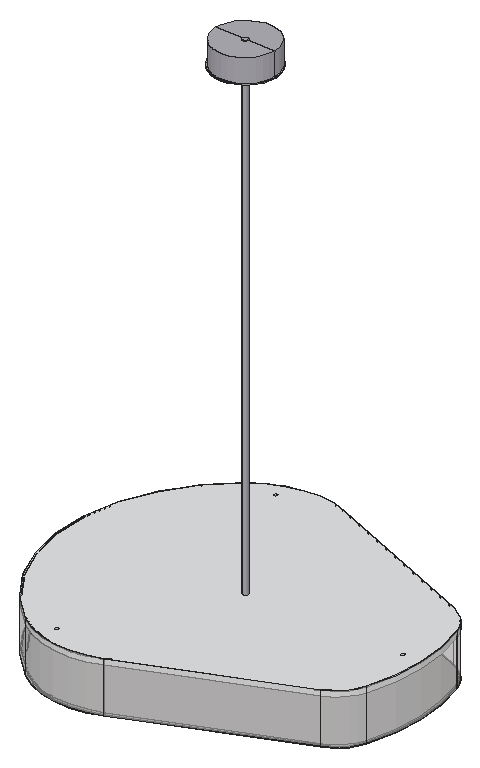
Revit family "Lighting - Lumetta - Pendant - NP53405", category Lighting Fixtures, host Ceiling, Revit 2015
Parameters
  Wattage = 11.7117 W
  built-in parameter 1150110 = 1 (stored number, unit not read)
  URL = "https://lumetta.com/luminaires/nexus-34-pendant/"
  Type Comments = "Nexus 34'' Pendant"  # constant formula
  built-in parameter 1114217 = 1 (stored number, unit not read)
  Top Lens-Material [instance] = Acrylic - 2447 - White
  Top Lens [instance] = yes
  built-in parameter 1150109 = 1 (stored number, unit not read)
  built-in parameter 1150134 = (empty or 0)
  Suspension [instance] = 2
  built-in parameter 1150113 = 1 (stored number, unit not read)
  Stem Hung-ALL Lamping [instance] = Suspension = 2  # yes
  STD-NON_DIM [instance] = not([3-4-LED])  # yes
  Model URL [instance] = "https://lumetta.com/luminaires/nexus-34-pendant/"
  Light Source Symbol Size = 0' - 1"
  Coupling-Stems Over 60 inches [instance] = and([Stem Hung-ALL Lamping], Fixture Drop > 5' 0")  # no
  Model = "NP53405"  # constant formula
  Manufacturer = "Lumetta, Inc."  # constant formula
  Lumens = 1300 lm
  built-in parameter 1150115 = 1 (stored number, unit not read)
  built-in parameter 1150105 = 103.45 (stored number, unit not read)
  built-in parameter 1150137 = (empty or 0)
  built-in parameter 1150139 = (empty or 0)
  built-in parameter 1150112 = 1 (stored number, unit not read)
  built-in parameter 1150114 = 1 (stored number, unit not read)
  built-in parameter 1150132 = 1
  built-in parameter 1150102 = (empty or 0)
  built-in parameter 1150138 = (empty or 0)
  built-in parameter 1150107 = 3000 (stored number, unit not read)
  built-in parameter 1150106 = 1.0345 (stored number, unit not read)
  Frame Finish [instance] = Paint - Lumetta - F02 - PC_Chrome
  Fixture Drop [instance] = 4' - 0"
  built-in parameter 1150104 = 10.312 (stored number, unit not read)
  Dimming Lamp Color Temperature Shift = (empty or 0)
  Diffuser Material [instance] = Shade - Lumetta - D61 - MT_White
  Description = ""
  Cord [instance] = Suspension = 1  # no
  Bottom Lens-Material [instance] = Acrylic - P95 - Etched White
  Bottom Lens [instance] = yes
  3-4-LED [instance] = and([3 or 4 Wire Dimming OR LED], Suspension = 1)  # no
  3 or 4 Wire Dimming OR LED [instance] = yes
  3 Cables [instance] = Suspension = 1  # no
  1CRD-3CBL-ALL Lamping [instance] = Suspension = 1  # no
  Cord Color [instance] = Cord, Black
  Color Filter = 16777215
  built-in parameter 1114218 = 1 (stored number, unit not read)
  built-in parameter 1150133 = 10 (stored number, unit not read)
Reference planes (in)
  plane 1 "Light Source Axis (F/B)": y = 0
  plane 2 "Ceiling": z = 96
  plane 3 "Light Source Axis (L/R)": x = 0
  plane 4 "Light Source Elevation": z = 45.5
  plane 5 "Fixture-Top": z = 48
  plane 6 "Fixture-Radius": x = 17
  plane 7 "Fixture-Height": z = 43
  plane 8: through (0, 0, 0) normal (-0.5, -0.866, 0)
  plane 9: y = 0
  plane 10: through (0, 0, 0) normal (0.5, -0.866, 0)
  plane 11 "Plane-120": through (-8.5, 14.72243, 0) normal (0.5, -0.866, 0)
  plane 12 "Plane-240": through (-70.85383, 21.27757, 0) normal (0.5, 0.866, 0)
  plane 13: through (0, 0, 0) normal (-0.866, -0.5, 0)
  plane 14: through (0, 0, 0) normal (0.866, -0.5, 0)
Forms (in)
  Revolve 1, solid, material "Paint - Lumetta - F02 - PC_Chrome" <- "Frame Finish", visible <- "1CRD-3CBL-ALL Lamping"
    sketch origin (0, 0, 0) x (1, 0, 0) y (0, 0, 1)
      loop
        line (0, 96) -> (0, 95.4375) -> (3, 95.4375) -> (3, 95.5) -> (2.87509, 95.5) -> (2.87509, 96) -> (0, 96)
      axis (0, 96) -> (0, 95.4375)
    angle from 0 to 360
  Extrusion 2, void
    sketch origin (0, 0, 95.4375) x (0, -1, 0) y (1, 0, 0)
      loop
        circle (0, 0) r 0.25
      loop
        circle (0, 2.5) r 0.06274
      loop
        circle (-2.16506, -1.25) r 0.06274
      loop
        circle (2.16506, -1.25) r 0.06274
    from 0 to 0.06358
  Extrusion 3, solid, material "Paint - Lumetta - F02 - PC_Chrome" <- "Frame Finish", visible <- "Stem Hung-ALL Lamping"
    sketch origin (0, 0, 48) x (0, -1, 0) y (-1, 0, 0)
      loop
        circle (0, 0) r 0.25
    from 0.56254 to -48
  Revolve 4, solid, material "Paint - Lumetta - F02 - PC_Chrome" <- "Frame Finish", visible <- "Coupling-Stems Over 60 inches"
    sketch origin (0, 0, 0) x (1, 0, 0) y (0, 0, 1)
      loop
        line (0, 86.53023) -> (0, 86) -> (0.26233, 86)
        arc (0.26233, 86) -> (0.31307, 86.05074) -> (0.26233, 86.10149) r 0.05074
        arc (0.26233, 86.10149) -> (0.29304, 86.26499) -> (0.26243, 86.42851) r 0.45126
        arc (0.26243, 86.42851) -> (0.31329, 86.47937) -> (0.26243, 86.53023) r 0.05086
        line (0.26243, 86.53023) -> (0, 86.53023)
      axis (0, 86.53023) -> (0, 86)
    angle from 0 to 360
  Revolve 5, solid, material "Paint - Lumetta - F02 - PC_Chrome" <- "Frame Finish", visible <- "Stem Hung-ALL Lamping"
    sketch origin (0, 0, 0) x (1, 0, 0) y (0, 0, 1)
      loop
        line (0, 96) -> (0, 93.40625) -> (0.34988, 93.40625)
        arc (0.34988, 93.40625) -> (0.49124, 93.54417) -> (0.58115, 93.72) r 0.61026
        line (0.58115, 93.72) -> (3, 93.72) -> (3, 93.78) -> (2.875, 93.78) -> (2.875, 96) -> (0, 96)
      axis (0, 96) -> (0, 93.40625)
    angle from 0 to 360
  Extrusion 6, solid, material "Cord, Black" <- "Cord Color", visible <- "1CRD-3CBL-ALL Lamping"
    sketch origin (0, 0, 48) x (0, -1, 0) y (1, 0, 0)
      loop
        circle (0, 0) r 0.15674
    from -0.56254 to 48
  Extrusion 7, solid, material "Paint - Lumetta - F11 - PC_White"
    sketch origin (0, 0, 48) x (0, -1, 0) y (1, 0, 0)
      loop
        circle (0, 15.25) r 0.15796
      loop
        circle (-13.20689, -7.625) r 0.15796
      loop
        circle (13.20689, -7.625) r 0.15796
      loop
        arc (-5.43512, 16.10774) -> (-6.97878, 15.18538) -> (-8.00283, 13.70721) r 4.25
        line (-8.00283, 13.70721) -> (-14.51815, -2.02217)
        arc (-14.51815, -2.02217) -> (-15.08391, -6.44759) -> (-13.33036, -10.54996) r 8.5
        arc (-13.33036, -10.54996) -> (0, -17) -> (13.33036, -10.54996) r 17
        arc (13.33036, -10.54996) -> (15.08391, -6.44759) -> (14.51815, -2.02217) r 8.5
        line (14.51815, -2.02217) -> (8.00283, 13.70721)
        arc (8.00283, 13.70721) -> (6.97878, 15.18538) -> (5.43512, 16.10774) r 4.25
        arc (5.43512, 16.10774) -> (0, 17) -> (-5.43512, 16.10774) r 17
      loop
        circle (0, 0) r 0.26563
    from -0.06131 to 0
  Sweep 8, solid, visible <- "1CRD-3CBL-ALL Lamping"
    path origin (0, 0, 0) x (1, 0, 0) y (0, 0, 1)
      loop
        line (2.5, 95.50108) -> (15.25, 47.50123)
    profile origin (8.875, 0, 71.50116) x (0.966485, 0, 0.256723) y (0, -1, 0)
      loop
        circle (0, 0) r 0.03083
  Sweep 9, solid, visible <- "1CRD-3CBL-ALL Lamping"
    path origin (0, 0, 0) x (-0.5, 0.866025, 0) y (0, 0, 1)
      loop
        line (2.5, 95.50108) -> (15.25, 47.50123)
    profile origin (-4.4375, 7.68598, 71.50116) x (-0.483242, 0.837, 0.256723) y (0.866025, 0.5, 0)
      loop
        circle (0, 0) r 0.03083
  Sweep 10, solid, visible <- "1CRD-3CBL-ALL Lamping"
    path origin (0, 0, 0) x (-0.5, -0.866025, 0) y (0, 0, 1)
      loop
        line (2.5, 95.50108) -> (15.25, 47.50123)
    profile origin (-4.4375, -7.68598, 71.50116) x (-0.483242, -0.837, 0.256723) y (-0.866025, 0.5, 0)
      loop
        circle (0, 0) r 0.03083
  Extrusion 11, solid, material "Acrylic - P95 - Etched White" <- "Bottom Lens-Material", visible <- "Bottom Lens"
    sketch origin (0, 0, 43) x (0, -1, 0) y (1, 0, 0)
      loop
        arc (-14.40267, -2.07001) -> (-14.9601, -6.43034) -> (-13.23234, -10.47239) r 8.375
        arc (-13.23234, -10.47239) -> (0, -16.875) -> (13.23234, -10.47239) r 16.875
        arc (13.23234, -10.47239) -> (14.9601, -6.43034) -> (14.40267, -2.07001) r 8.375
        line (14.40267, -2.07001) -> (7.88734, 13.65938)
        arc (7.88734, 13.65938) -> (6.89342, 15.09407) -> (5.39516, 15.98931) r 4.125
        arc (5.39516, 15.98931) -> (0, 16.875) -> (-5.39516, 15.98931) r 16.875
        arc (-5.39516, 15.98931) -> (-6.89342, 15.09407) -> (-7.88734, 13.65938) r 4.125
        line (-7.88734, 13.65938) -> (-14.40267, -2.07001)
    from 0.10383 to 0.23787
  Revolve 12, solid, material "Paint - Lumetta - F02 - PC_Chrome" <- "Frame Finish", visible <- "STD-NON_DIM"
    sketch origin (0, 0, 0) x (1, 0, 0) y (0, 0, 1)
      loop
        line (0, 95.4375) -> (0, 94.87435) -> (0.28215, 94.87435) -> (0.37481, 95.4375) -> (0, 95.4375)
      axis (0, 95.4375) -> (0, 94.87435)
    angle from 0 to 360
  Revolve 13, solid, material "Paint - Lumetta - F02 - PC_Chrome" <- "Frame Finish", visible <- "3-4-LED"
    sketch origin (0, 0, 0) x (1, 0, 0) y (0, 0, 1)
      loop
        line (0, 95.4375) -> (0, 95.3765) -> (0.37481, 95.3765) -> (0.37481, 95.4375) -> (0, 95.4375)
      axis (0, 95.4375) -> (0, 95.3765)
    angle from 0 to 360
  Extrusion 14, solid, material "Paint - Lumetta - F11 - PC_White"
    sketch origin (0, 0, 48) x (0, -1, 0) y (1, 0, 0)
      loop
        arc (-5.43512, 16.10774) -> (-6.97878, 15.18538) -> (-8.00283, 13.70721) r 4.25
        line (-8.00283, 13.70721) -> (-14.51815, -2.02217)
        arc (-14.51815, -2.02217) -> (-15.08391, -6.44759) -> (-13.33036, -10.54996) r 8.5
        arc (-13.33036, -10.54996) -> (0, -17) -> (13.33036, -10.54996) r 17
        arc (13.33036, -10.54996) -> (15.08391, -6.44759) -> (14.51815, -2.02217) r 8.5
        line (14.51815, -2.02217) -> (8.00283, 13.70721)
        arc (8.00283, 13.70721) -> (6.97878, 15.18538) -> (5.43512, 16.10774) r 4.25
        arc (5.43512, 16.10774) -> (0, 17) -> (-5.43512, 16.10774) r 17
      loop
        arc (-14.46041, -2.04609) -> (-15.022, -6.43896) -> (-13.28135, -10.51117) r 8.4375
        arc (-13.28135, -10.51117) -> (0, -16.9375) -> (13.28135, -10.51117) r 16.9375
        arc (13.28135, -10.51117) -> (15.022, -6.43896) -> (14.46041, -2.04609) r 8.4375
        line (14.46041, -2.04609) -> (7.94509, 13.6833)
        arc (7.94509, 13.6833) -> (6.9361, 15.13972) -> (5.41514, 16.04853) r 4.1875
        arc (5.41514, 16.04853) -> (0, 16.9375) -> (-5.41514, 16.04853) r 16.9375
        arc (-5.41514, 16.04853) -> (-6.9361, 15.13972) -> (-7.94509, 13.6833) r 4.1875
        line (-7.94509, 13.6833) -> (-14.46041, -2.04609)
    from -0.56254 to -0.06131
  Extrusion 15, solid, material "Paint - Lumetta - F02 - PC_Chrome" <- "Frame Finish"
    sketch origin (0, 0, 43) x (0, -1, 0) y (1, 0, 0)
      loop
        arc (-5.43512, 16.10774) -> (-6.97878, 15.18538) -> (-8.00283, 13.70721) r 4.25
        line (-8.00283, 13.70721) -> (-14.51815, -2.02217)
        arc (-14.51815, -2.02217) -> (-15.08391, -6.44759) -> (-13.33036, -10.54996) r 8.5
        arc (-13.33036, -10.54996) -> (0, -17) -> (13.33036, -10.54996) r 17
        arc (13.33036, -10.54996) -> (15.08391, -6.44759) -> (14.51815, -2.02217) r 8.5
        line (14.51815, -2.02217) -> (8.00283, 13.70721)
        arc (8.00283, 13.70721) -> (6.97878, 15.18538) -> (5.43512, 16.10774) r 4.25
        arc (5.43512, 16.10774) -> (0, 17) -> (-5.43512, 16.10774) r 17
      loop
        arc (-12.93829, -10.23967) -> (0, -16.5) -> (12.93829, -10.23967) r 16.5
        arc (12.93829, -10.23967) -> (14.58869, -6.37861) -> (14.05621, -2.21351) r 8
        line (14.05621, -2.21351) -> (7.54089, 13.51587)
        arc (7.54089, 13.51587) -> (6.63732, 14.82013) -> (5.27527, 15.63399) r 3.75
        arc (5.27527, 15.63399) -> (0, 16.5) -> (-5.27527, 15.63399) r 16.5
        arc (-5.27527, 15.63399) -> (-6.63732, 14.82013) -> (-7.54089, 13.51587) r 3.75
        line (-7.54089, 13.51587) -> (-14.05621, -2.21351)
        arc (-14.05621, -2.21351) -> (-14.58869, -6.37861) -> (-12.93829, -10.23967) r 8
    from 0 to 0.10383
  Extrusion 16, solid, material "Shade - Lumetta - D61 - MT_White" <- "Diffuser Material"
    sketch origin (0, 0, 43) x (0, -1, 0) y (1, 0, 0)
      loop
        arc (-5.43512, 16.10774) -> (-6.97878, 15.18538) -> (-8.00283, 13.70721) r 4.25
        line (-8.00283, 13.70721) -> (-14.51815, -2.02217)
        arc (-14.51815, -2.02217) -> (-15.08391, -6.44759) -> (-13.33036, -10.54996) r 8.5
        arc (-13.33036, -10.54996) -> (0, -17) -> (13.33036, -10.54996) r 17
        arc (13.33036, -10.54996) -> (15.08391, -6.44759) -> (14.51815, -2.02217) r 8.5
        line (14.51815, -2.02217) -> (8.00283, 13.70721)
        arc (8.00283, 13.70721) -> (6.97878, 15.18538) -> (5.43512, 16.10774) r 4.25
        arc (5.43512, 16.10774) -> (0, 17) -> (-5.43512, 16.10774) r 17
      loop
        arc (-5.44511, 16.13735) -> (-7.00012, 15.2082) -> (-8.0317, 13.71917) r 4.28125
        line (-8.0317, 13.71917) -> (-14.54703, -2.01021)
        arc (-14.54703, -2.01021) -> (-15.11486, -6.4519) -> (-13.35486, -10.56935) r 8.53125
        arc (-13.35486, -10.56935) -> (0, -17.03125) -> (13.35486, -10.56935) r 17.03125
        arc (13.35486, -10.56935) -> (15.11486, -6.4519) -> (14.54703, -2.01021) r 8.53125
        line (14.54703, -2.01021) -> (8.0317, 13.71917)
        arc (8.0317, 13.71917) -> (7.00012, 15.2082) -> (5.44511, 16.13735) r 4.28125
        arc (5.44511, 16.13735) -> (0, 17.03125) -> (-5.44511, 16.13735) r 17.03125
    from 0 to 5
Dimensions and locks (in)
  equal spacing: host sketch curve, plane 3 "Light Source Axis (L/R)", host sketch curve
  equal spacing: host sketch curve, plane 1 "Light Source Axis (F/B)", host sketch curve
  host sketch curve to host sketch curve = 10' - 0"  (x2)
  "Fixture Drop": plane 2 "Ceiling" to plane 5 "Fixture-Top"
  locked: plane 5 "Fixture-Top" to plane 4 "Light Source Elevation" at 2.5
  locked: plane 6 "Fixture-Radius" to plane 3 "Light Source Axis (L/R)" at 17
  locked: plane 5 "Fixture-Top" to plane 7 "Fixture-Height" at 5
  locked: Extrusion 2 sketch curve to Extrusion 2 sketch curve at 2.5
  locked: Extrusion 3 sketch curve to imposter light
  locked: Extrusion 3 sketch curve to imposter light at 0
  Revolve 4 sketch curve to Revolve 4 sketch curve = 0' - 0.15822"
  locked: Revolve 4 sketch curve to Revolve 4 sketch curve at 0.53023
  locked: Revolve 4 sketch curve to Revolve 4 sketch curve at 0.26243
  locked: Revolve 4 sketch curve to Revolve 4 sketch curve at 0.26233
  locked: Revolve 4 sketch curve to Revolve 4 sketch curve at 0.05074
  locked: Revolve 4 sketch curve to Revolve 4 sketch curve at 0.47937
  locked: Revolve 4 sketch curve to Revolve 4 sketch curve at 0.26512
  locked: Revolve 5 sketch curve to Revolve 5 sketch curve at 2.875
  locked: Revolve 5 sketch curve to Revolve 5 sketch curve at 0.31375
  locked: Revolve 1 sketch curve to Revolve 1 sketch curve at 0.0625
  locked: host ceiling to Revolve 1 sketch curve at 0.5625
  locked: Revolve 1 sketch curve to Revolve 1 sketch curve at 0.5625
  Revolve 1 sketch curve to Revolve 1 sketch curve = 0' - 2.87509"
  locked: Extrusion 7 sketch curve to plane 6 "Fixture-Radius" at 1.75
  locked: plane 10 to plane 11 "Plane-120" at 17
  locked: plane 12 "Plane-240" to plane 8 at 17
  locked: Extrusion 7 sketch curve to plane 12 "Plane-240" at 1.75
  locked: Extrusion 7 sketch curve to plane 11 "Plane-120" at 1.75
  locked: plane 10 to Extrusion 2 sketch curve at 2.5
  locked: Extrusion 2 sketch curve to plane 8 at 2.5
  locked: Revolve 1 sketch curve to Revolve 1 sketch curve at 3
  locked: Revolve 1 sketch curve to Revolve 1 sketch curve at 2.87509
  locked: Revolve 12 sketch curve to Revolve 12 sketch curve at 0.37481
  locked: Revolve 12 sketch curve to Revolve 12 sketch curve at 0.28215
  locked: Revolve 1 to Revolve 12 sketch curve at 0.56315
  locked: Revolve 1 to Revolve 13 sketch curve at 0.061
  locked: plane 3 "Light Source Axis (L/R)" to Revolve 13 sketch curve at 0.37481
  locked: Extrusion 14 to Extrusion 14 at 0.50123
  locked: Extrusion 15 to plane 7 "Fixture-Height" at 0.10383
  locked: Extrusion 11 to Extrusion 11 at 0.13404
  aligned and locked: plane 3 "Light Source Axis (L/R)" to imposter light
  aligned and locked: plane 1 "Light Source Axis (F/B)" to imposter light
  aligned and locked: plane 4 "Light Source Elevation" to imposter light
  aligned and locked: Revolve 4 sketch curve to Revolve 4 sketch curve  (x2)
  aligned and locked: host ceiling to Extrusion 3
  aligned and locked: host ceiling to Extrusion 6
  aligned and locked: Extrusion 7 to plane 5 "Fixture-Top"
  aligned and locked: Extrusion 14 to Extrusion 7
  aligned and locked: plane 7 "Fixture-Height" to Extrusion 15
  aligned and locked: Extrusion 11 to Extrusion 15
  aligned and locked: Extrusion 16 to plane 5 "Fixture-Top"
  aligned and locked: plane 7 "Fixture-Height" to Extrusion 16
Automatic sketch dimensions
  Revolve 4 sketch curve to plane 3 "Light Source Axis (L/R)" = 0' - 0"
  Revolve 4 sketch curve to Revolve 4 sketch curve = 0' - 11.34317"
  Revolve 5 sketch curve to plane 3 "Light Source Axis (L/R)" = 0' - 0"  (x3)
  Revolve 5 sketch curve to plane 2 "Ceiling" = 0' - 0"
  plane 3 "Light Source Axis (L/R)" to Revolve 5 sketch curve = 0' - 0.34988"
  Revolve 5 sketch curve to Revolve 5 sketch curve = 0' - 0.23126"
  Revolve 5 sketch curve to Revolve 5 sketch curve = 0' - 0 1/8"
  Revolve 5 sketch curve to plane 2 "Ceiling" = 0' - 2 3/32"
  Revolve 5 sketch curve to Revolve 5 sketch curve = 0' - 0.06"
  plane 2 "Ceiling" to Revolve 5 sketch curve = 0' - 1 3/4"
  Revolve 5 sketch curve to Revolve 5 sketch curve = 0' - 2 1/2"
  plane 1 "Light Source Axis (F/B)" to Extrusion 6 sketch curve = 0' - 0"
  Extrusion 6 sketch curve to plane 3 "Light Source Axis (L/R)" = 0' - 0"
  Extrusion 2 sketch curve to Revolve 1 = 0' - 0"
  Extrusion 2 sketch curve to Extrusion 2 sketch curve = 0' - 1 1/4"  (x2)
  Sweep 8 sketch curve to plane 2 "Ceiling" = 0' - 0.49892"
  plane 3 "Light Source Axis (L/R)" to Sweep 8 sketch curve = 0' - 2 1/2"
  plane 5 "Fixture-Top" to Sweep 8 sketch curve = 0' - 0.49877"
  Sweep 8 sketch curve to plane 6 "Fixture-Radius" = 0' - 1 3/4"
  Sweep 8 sketch curve to plane 1 "Light Source Axis (F/B)" = 0' - 0"
  Sweep 8 sketch curve to profile plane = 0' - 0"
  Sweep 9 sketch curve to plane 2 "Ceiling" = 0' - 0.49892"
  Sweep 9 sketch curve to plane 10 = 0' - 2 1/2"
  plane 5 "Fixture-Top" to Sweep 9 sketch curve = 0' - 0.49877"
  plane 11 "Plane-120" to Sweep 9 sketch curve = 0' - 1 3/4"
  Sweep 9 sketch curve to profile plane = 0' - 0"
  profile plane to Sweep 9 sketch curve = 0' - 0"
  Sweep 10 sketch curve to plane 2 "Ceiling" = 0' - 0.49892"
  plane 8 to Sweep 10 sketch curve = 0' - 2 1/2"
  plane 5 "Fixture-Top" to Sweep 10 sketch curve = 0' - 0.49877"
  plane 12 "Plane-240" to Sweep 10 sketch curve = 0' - 1 3/4"
  profile plane to Sweep 10 sketch curve = 0' - 0"  (x2)
  plane 13 to Extrusion 7 sketch curve = 0' - 0"
  plane 1 "Light Source Axis (F/B)" to Extrusion 7 sketch curve = 0' - 0"  (x2)
  plane 14 to Extrusion 7 sketch curve = 0' - 0"
  Revolve 1 sketch curve to plane 3 "Light Source Axis (L/R)" = 0' - 0"  (x2)
  Revolve 1 sketch curve to plane 5 "Fixture-Top" = 0' - 1 1/4"
  Revolve 1 sketch curve to Revolve 1 sketch curve = 0' - 9 3/4"
  Revolve 12 sketch curve to plane 3 "Light Source Axis (L/R)" = 0' - 0"  (x2)
  Revolve 12 sketch curve to plane 2 "Ceiling" = 0' - 0 9/16"
  Revolve 12 sketch curve to Revolve 12 sketch curve = 0' - 1.18685"
  plane 2 "Ceiling" to Revolve 12 sketch curve = 0' - 6 11/16"
  Revolve 13 sketch curve to plane 3 "Light Source Axis (L/R)" = 0' - 0"  (x2)
  Revolve 13 sketch curve to Revolve 13 sketch curve = 0' - 0.061"
  Revolve 13 sketch curve to Revolve 13 sketch curve = 0' - 0.82606"
  Revolve 13 sketch curve to plane 2 "Ceiling" = 0' - 0 1/4"
  Extrusion 7 sketch curve to Extrusion 7 sketch curve = 0' - 0"  (x13)
  Extrusion 7 sketch curve to plane 1 "Light Source Axis (F/B)" = 1' - 2.51815"
  Extrusion 7 sketch curve to plane 1 "Light Source Axis (F/B)" = 0' - 8.00283"
  Extrusion 7 sketch curve to Extrusion 7 sketch curve = 0' - 3.92649"  (x2)
  Extrusion 7 sketch curve to Extrusion 7 sketch curve = 0' - 6.66518"  (x2)
  Extrusion 7 sketch curve to Extrusion 7 sketch curve = 0' - 5.27498"
  Extrusion 7 sketch curve to Extrusion 7 sketch curve = 1' - 0.08081"
  Extrusion 7 sketch curve to Extrusion 7 sketch curve = 0' - 1.6264"  (x2)
  Extrusion 7 sketch curve to plane 3 "Light Source Axis (L/R)" = 0' - 0"
  plane 1 "Light Source Axis (F/B)" to Extrusion 7 sketch curve = 0' - 4.07634"
  Extrusion 7 sketch curve to plane 3 "Light Source Axis (L/R)" = 0' - 2.02217"  (x2)
  Extrusion 7 sketch curve to Extrusion 7 sketch curve = 0' - 1.31127"
  Extrusion 7 sketch curve to plane 3 "Light Source Axis (L/R)" = 0' - 5.27498"
  Extrusion 14 sketch curve to Extrusion 14 sketch curve = 0' - 0"  (x17)
  Extrusion 14 sketch curve to Extrusion 14 sketch curve = 0' - 3.92649"
  Extrusion 14 sketch curve to Extrusion 14 sketch curve = 0' - 5.27498"
  Extrusion 14 sketch curve to Extrusion 14 sketch curve = 0' - 1.6264"  (x2)
  plane 1 "Light Source Axis (F/B)" to Extrusion 14 sketch curve = 0' - 0"
  Extrusion 14 sketch curve to plane 3 "Light Source Axis (L/R)" = 0' - 0"
  Extrusion 14 sketch curve to plane 3 "Light Source Axis (L/R)" = 0' - 2.02217"  (x2)
  Extrusion 14 sketch curve to Extrusion 14 sketch curve = 0' - 7.85298"
  Extrusion 14 sketch curve to plane 3 "Light Source Axis (L/R)" = 0' - 5.27498"
  Extrusion 14 sketch curve to Extrusion 14 sketch curve = 0' - 0.05774"  (x4)
  Extrusion 14 sketch curve to Extrusion 14 sketch curve = 0' - 0.01998"  (x4)
  Extrusion 14 sketch curve to Extrusion 14 sketch curve = 0' - 0.02392"  (x2)
  Extrusion 14 sketch curve to plane 6 "Fixture-Radius" = 0' - 3.3167"
  Extrusion 14 sketch curve to Extrusion 14 sketch curve = 0' - 0.04901"  (x3)
  Extrusion 14 sketch curve to Extrusion 14 sketch curve = 0' - 0.03879"  (x3)
  Revolve 4 sketch curve to plane 2 "Ceiling" = 0' - 10"
  Extrusion 11 sketch curve to plane 6 "Fixture-Radius" = 0' - 3.34062"  (x2)
  Extrusion 11 sketch curve to Extrusion 11 sketch curve = 0' - 0"  (x4)
  Extrusion 11 sketch curve to plane 3 "Light Source Axis (L/R)" = 0' - 5.27498"  (x2)
  Extrusion 11 sketch curve to plane 1 "Light Source Axis (F/B)" = 0' - 6.66518"
  Extrusion 11 sketch curve to plane 3 "Light Source Axis (L/R)" = 0' - 2.07001"  (x2)
  Extrusion 11 sketch curve to Extrusion 11 sketch curve = 0' - 7.73749"  (x2)
  plane 1 "Light Source Axis (F/B)" to Extrusion 11 sketch curve = 0' - 6.66518"
  plane 1 "Light Source Axis (F/B)" to Extrusion 11 sketch curve = 0' - 0"
  Extrusion 11 sketch curve to plane 3 "Light Source Axis (L/R)" = 0' - 0"
  Extrusion 11 sketch curve to plane 1 "Light Source Axis (F/B)" = 0' - 7.88734"
  Extrusion 11 sketch curve to plane 1 "Light Source Axis (F/B)" = 0' - 4.07634"
  Extrusion 11 sketch curve to Extrusion 11 sketch curve = 0' - 1.57857"  (x2)
  plane 1 "Light Source Axis (F/B)" to Extrusion 11 sketch curve = 0' - 4.07634"
  Extrusion 11 sketch curve to Extrusion 11 sketch curve = 0' - 3.811"
  Extrusion 15 sketch curve to Extrusion 15 sketch curve = 0' - 0"  (x24)
  plane 1 "Light Source Axis (F/B)" to Extrusion 15 sketch curve = 0' - 0"
  Extrusion 15 sketch curve to plane 3 "Light Source Axis (L/R)" = 0' - 0"
  Extrusion 15 sketch curve to plane 1 "Light Source Axis (F/B)" = 0' - 4.07634"
  Extrusion 15 sketch curve to plane 1 "Light Source Axis (F/B)" = 0' - 6.66518"
  Extrusion 15 sketch curve to plane 6 "Fixture-Radius" = 0' - 3.48413"  (x2)
  Extrusion 15 sketch curve to Extrusion 15 sketch curve = 0' - 3.46455"  (x2)
  Extrusion 15 sketch curve to plane 6 "Fixture-Radius" = 0' - 3.29279"  (x2)
  Extrusion 15 sketch curve to Extrusion 15 sketch curve = 0' - 0.46194"  (x4)
  Extrusion 15 sketch curve to plane 3 "Light Source Axis (L/R)" = 0' - 2.21351"  (x2)
  Extrusion 15 sketch curve to Extrusion 15 sketch curve = 0' - 7.39104"  (x2)
  Extrusion 15 sketch curve to plane 3 "Light Source Axis (L/R)" = 0' - 2.02217"  (x2)
  plane 1 "Light Source Axis (F/B)" to Extrusion 15 sketch curve = 0' - 4.07634"
  Extrusion 15 sketch curve to plane 3 "Light Source Axis (L/R)" = 0' - 5.27498"  (x2)
  plane 1 "Light Source Axis (F/B)" to Extrusion 15 sketch curve = 0' - 6.66518"
  Extrusion 15 sketch curve to Extrusion 15 sketch curve = 0' - 1.43506"  (x2)
  Extrusion 16 sketch curve to Extrusion 16 sketch curve = 0' - 0"  (x17)
  Extrusion 16 sketch curve to Extrusion 16 sketch curve = 0' - 3.92649"
  Extrusion 16 sketch curve to Extrusion 16 sketch curve = 0' - 5.27498"
  Extrusion 16 sketch curve to Extrusion 16 sketch curve = 0' - 1.6264"  (x2)
  plane 1 "Light Source Axis (F/B)" to Extrusion 16 sketch curve = 0' - 0"
  Extrusion 16 sketch curve to plane 3 "Light Source Axis (L/R)" = 0' - 0"
  Extrusion 16 sketch curve to Extrusion 16 sketch curve = 0' - 7.85298"
  Extrusion 16 sketch curve to plane 3 "Light Source Axis (L/R)" = 0' - 5.27498"
  Extrusion 16 sketch curve to Extrusion 16 sketch curve = 0' - 0.00999"  (x4)
  Extrusion 16 sketch curve to Extrusion 16 sketch curve = 0' - 0.01196"  (x2)
  Extrusion 16 sketch curve to plane 3 "Light Source Axis (L/R)" = 0' - 2.01021"  (x2)
  Extrusion 16 sketch curve to Extrusion 16 sketch curve = 0' - 0.02887"  (x4)
  Extrusion 16 sketch curve to Extrusion 16 sketch curve = 0' - 0.0245"  (x3)
  Extrusion 16 sketch curve to Extrusion 16 sketch curve = 0' - 0.01939"  (x3)
  Extrusion 16 sketch curve to plane 6 "Fixture-Radius" = 0' - 3.28083"
  radius of Extrusion 3 sketch curve = 0' - 0 1/4"
  radius of Extrusion 6 sketch curve = 0' - 0.15674"
  radius of Extrusion 2 sketch curve = 0' - 0.06274"  (x3)
  radius of Sweep 8 sketch curve = 0' - 0.03083"
  radius of Sweep 9 sketch curve = 0' - 0.03083"
  radius of Sweep 10 sketch curve = 0' - 0.03083"
  radius of Extrusion 7 sketch curve = 0' - 0.15796"  (x3)
  radius of Extrusion 2 sketch curve to Revolve 1 = 0' - 2 3/4"
  radius of Extrusion 7 sketch curve = 0' - 0 17/64"
